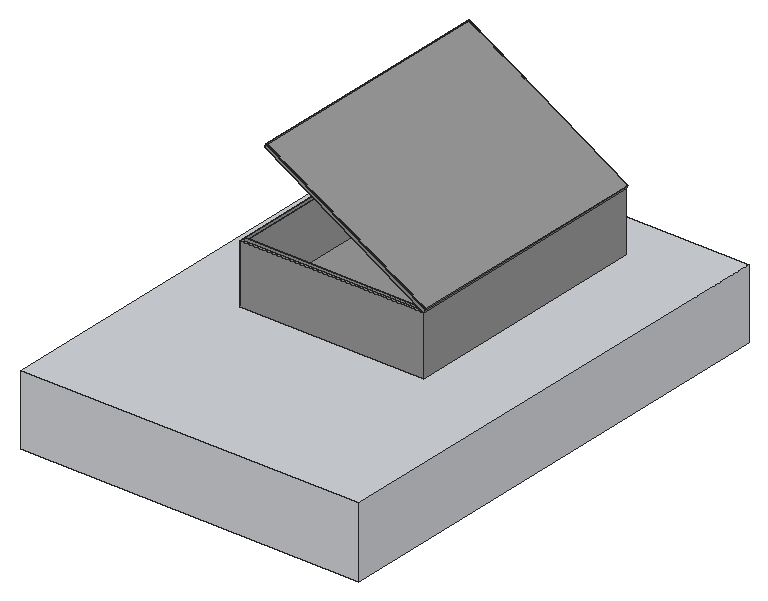
Revit family "Hager-Univers-IP55-D275-H1100-Cl.I-Steel_encl-CH-it", category Equipement électrique, Revit 2020
Family settings
  Hôte = Face
  Configuration du panneau = Deux colonnes, circuits au sein
  Cote de connecteur circulaire = Utiliser le diamètre
  Type d'élément = Tableau de raccordement
  Couper avec des vides une fois chargée = Non
  Partagée = Non
  Point de calcul de pièce = Non
Parameters (values of type "A parete IP55 L800 A1100 P275  - FR73E")
  Width Control [instance] = if([EF000008 - Larghezza] > Min Width, [EF000008 - Larghezza], Min Width)  # 800 mm
  Commentaires du type = [HG000003 - Gamma]  # "Univers"
  Thickness Door [instance] = if([EF009171 - spessore materiale porta/coperchio] > 3 mm, 3 mm, [EF009171 - spessore materiale porta/coperchio])  # 1.5 mm
  Seal Frame Offset [instance] = 17 mm  # constant formula
  Plinth Visibility [instance] = [HG000027 - Altezza dello zoccolo] > 0 mm  # no
  Model = ""
  Min Width [instance] = 100 mm  # constant formula
  Min Height [instance] = 100 mm  # constant formula
  Min Depth [instance] = (2 * [EF009170 - spessore materiale scatola]) + 1 mm  # 4 mm
  Internal Frame Depth [instance] = (Door System Depth * 0.5)  # 9 mm
  Height Control [instance] = if([EF000040 - Altezza] > Min Height, [EF000040 - Altezza], Min Height)  # 1100 mm
  HG000027 - Altezza dello zoccolo = 0 mm
  HG000026 - A pavimento = no
  HG000024 - Altezza della sezione inferiore = 800 mm
  HG000023 - Custodia a doppia sezione = no
  HG000016 - Visibilità delle porte nella vista 3D [instance] = yes
  HG000015 - Visibilità attraverso la porta [instance] = no
  HG000014 - Porta destra [instance] = yes
  HG000013 - Porta sinistra [instance] = not([HG000014 - Porta destra])  # no
  HG000012 - Angolo di apertura della porta [instance] = 30.00°
  HG000010 - Porte asimmetriche = no
  HG000009 - Porta doppia a battente = no
  HG000006 - Ad incasso = no
  HG000004 - Codice produttore = "FR73E"
  HG000003 - Gamma = "Univers"
  HG000002 - Con porta = yes
  Frame Offset Bottom [instance] = 10 mm  # constant formula
  Frame Offset [instance] = 15 mm  # constant formula
  EF015940 - Coprire con rilascio di sovrapressione = no
  EF011959 - tipo di protezione (NEMA) = ""
  EF009554 - numero delle aperture per la piastra della flangia = 6
  Fabricant = "Hager"  # constant formula
  EF009212 - esecuzione coperchio = "EV000116 - chiuso"
  EF009171 - spessore materiale porta/coperchio = 1.5 mm
  EF009170 - spessore materiale scatola = 1.5 mm
  EF008873 - corrente nominale (In) = 800 A
  EF007800 - adatto per parafulmine = no
  EF006306 - con serratura = no
  EF006244 - coperchio/porta trasparente = no
  EF005474 - grado di protezione (IP) = "EV006420 - IP55"
  EF004464 - tipo di porta = "EV002646 - singolo"
  EF004427 - numero di moduli = 252
  EF004293 - resistenza agli urti = "EV008784 - IK10"
  EF003532 - adatto per uso esterno = no
  EF002950 - Numero moduli DIN = 24
  EF001613 - Integrità del circuito = "EV000494 - senza"
  EF001596 - Attacco Lampada = "EV000179 - acciaio"
  EF001131 - profondità interna = 275 mm
  EF001088 - possibilità di applicazione = yes
  EF000437 - numero di ingressi per conduttori = 6
  EF000339 - tipo di copertura = "EV004216 - porta"
  EF000266 - numero di file = 7
  EF000218 - profondità di incasso = 0 mm
  EF000118 - con piastra di montaggio = no
  EF000116 - numero RAL = "7035"
  EF000049 - profondità = 275 mm
  EF000040 - Altezza = 1100 mm
  EF000008 - Larghezza = 800 mm
  EF000007 - colore = "EV000270 - grigio"
  EF000003 - Tipo di montaggio = "EV000384 - A parete"
  Door System Leaf Tolerance [instance] = 1.5 mm  # constant formula
  Door System Depth [instance] = 18 mm  # constant formula
  Door Height [instance] = Height Control - [HG000027 - Altezza dello zoccolo]  # 1100 mm
  Depth Control [instance] = if([EF000049 - profondità] > Min Depth, [EF000049 - profondità], Min Depth)  # 275 mm
  Default Elevation = 0 mm
  Connector Offset [instance] = Height Control / 2  # 550 mm
  Bottom Top Plate Trim [instance] = 1.5 mm  # constant formula
  Plinth height Ctrl [instance] = if([HG000027 - Altezza dello zoccolo] > 0 mm, [HG000027 - Altezza dello zoccolo], 12 mm)  # 12 mm
Types (5, lengths in mm): name | Width Control | HG000010 - Porte asimmetriche | HG000009 - Porta doppia a battente | HG000004 - Codice produttore | EF009554 - numero delle aperture per la piastra della flangia | EF004464 - tipo di porta | EF004427 - numero di moduli | EF000437 - numero di ingressi per conduttori | EF000008 - Larghezza
  A parete IP55 L1050 A1100 P275  - FR74E | 1050 | no | yes | "FR74E" | 8 | "EV003602 - doppio" | 336 | 8 | 1050
  A parete IP55 L1300 A1100 P275  - FR75E | 1300 | yes | yes | "FR75E" | 10 | "EV003602 - doppio" | 420 | 10 | 1300
  A parete IP55 L300 A1100 P275  - FR71E | 300 | no | no | "FR71E" | 2 | "EV002646 - singolo" | 84 | 2 | 300
  A parete IP55 L550 A1100 P275  - FR72E | 550 | no | no | "FR72E" | 4 | "EV002646 - singolo" | 168 | 4 | 550
  A parete IP55 L800 A1100 P275  - FR73E | 800 | no | no | "FR73E" | 6 | "EV002646 - singolo" | 252 | 6 | 800
Reference planes
  plane 1 "Center (Front/Back)": y = 0
  plane 2: z = 0
  plane 3 "Center (Left/Right)": x = 0
  plane 4: z = 275
  plane 5: y = 1.5
  plane 6: y = 550
  plane 7: y = 0
  plane 8: y = 1100
  plane 9: z = 0
  plane 10: x = -385
  plane 11: x = 385
  plane 12: x = 383.5
  plane 13: x = -383.5
  plane 14: y = 1098.5
  plane 15: x = -383
  plane 16: x = -400
  plane 17: x = 383
  plane 18: x = 400
  plane 19: x = 398.5
  plane 20: x = -398.5
  plane 21: y = 11.5
  plane 22: y = 1100
  plane 23: y = 1083.5
  plane 24: z = 257
  plane 25: z = 1.5
  plane 26: z = 255.5
  plane 27: z = 273.5
Forms (mm)
  Extrusion 1, solid
    sketch origin (0, 0, 0) x (1, 0, 0) y (0, 1, 0)
      loop
        line (-702.964, 1305) -> (-702.964, -811.445) -> (766.763, -811.445) -> (766.763, 1305) -> (-702.964, 1305)
    from 0 to -304.8
  Extrusion 2, solid, material "Hager_Steel_RAL7035_Light_Grey", visible <- "Plinth Visibility", detail levels medium+fine
    sketch origin (0, 0, 0) x (1, 0, 0) y (0, 1, 0)
      loop
        line (-400, 0) -> (400, 0) -> (400, 12) -> (-400, 12) -> (-400, 0)
    from 0 to 257
  Extrusion 3, solid, material "Hager_Steel_RAL7035_Light_Grey", detail levels medium+fine
    sketch origin (0, 0, 0) x (1, 0, 0) y (0, 1, 0)
      loop
        line (-400, 0) -> (400, 0) -> (400, 1100) -> (-400, 1100) -> (-400, 0)
    from 0 to 257
  Extrusion 4, void
    sketch origin (0, 0, 0) x (1, 0, 0) y (0, 1, 0)
      loop
        line (-398.5, 1.5) -> (398.5, 1.5) -> (398.5, 1098.5) -> (-398.5, 1098.5) -> (-398.5, 1.5)
    from 1.5 to 255.5
  Extrusion 5, void
    sketch origin (-381.607, -4572, 257) x (0, -1, 0) y (-1, 0, 0)
      loop
        line (-4583.5, 1.893) -> (-5655.5, 1.893) -> (-5655.5, -765.107) -> (-4583.5, -765.107) -> (-4583.5, 1.893)
    from 0 to 1.5 <- "EF009170 - spessore materiale scatola"
  Extrusion 6, solid, material "Hager_Steel_RAL7035_Light_Grey", detail levels fine
    sketch origin (0, 0, 257) x (1, 0, 0) y (0, 1, 0)
      loop
        line (-383.5, 1083.5) -> (-383.5, 11.5) -> (383.5, 11.5) -> (383.5, 1083.5) -> (-383.5, 1083.5)
      loop
        line (-385, 10) -> (385, 10) -> (385, 1085) -> (-385, 1085) -> (-385, 10)
    from 0 to 9 <- "Internal Frame Depth"
  Extrusion 7, solid, material "Hager_Steel_RAL7035_Light_Grey", detail levels coarse
    sketch origin (0, 0, 0) x (1, 0, 0) y (0, 1, 0)
      loop
        line (-400, 0) -> (400, 0) -> (400, 1100) -> (-400, 1100) -> (-400, 0)
    from 0 to 275
  Sweep 8, void
    path in 3D
      loop
        line (-400, 12, 0) -> (400, 12, 0) -> (400, 12, 257) -> (-400, 12, 257) -> (-400, 12, 0)
    profile origin (-400, 12, 128.5) x (-1, 0, 0) y (0, -1, 0)
      loop
        line (0, 0) -> (0, 1.5) -> (-1.5, 1.5)
        arc (-1.5, 1.5) -> (-1.061, 0.439) -> (0, 0) r 1.5
Cuts and joins
  Extrusion 4, Extrusion 5 cuts Extrusion 3
  Sweep 8 cuts Extrusion 2
Lines and regions (mm)
  Masking region 1
    outline origin (0, 0, 0) x (1, 0, 0) y (0, 0, 1)
      loop
        line (-400, 275) -> (-400, 0) -> (400, 0) -> (400, 275) -> (-400, 275)
  Masking region 2, detail levels medium+fine
    outline origin (0, 140, 0) x (0, 1, 0) y (0, 0, 1)
      loop
        line (-140, 0) -> (960, 0) -> (960, 257) -> (-140, 257) -> (-140, 0)
  Masking region 3, not visible, detail levels medium+fine
    outline origin (0, 297.922, 0) x (0, 1, 0) y (0, 0, 1)
      loop
        line (263.578, 0) -> (303.578, 0) -> (303.578, 263.5)
        arc (303.578, 263.5) -> (300.649, 270.571) -> (293.578, 273.5) r 10
        line (293.578, 273.5) -> (263.578, 273.5) -> (263.578, 0)
  Masking region 4, detail levels coarse
    outline origin (0, 0, 180) x (0, 1, 0) y (0, 0, 1)
      loop
        line (0, -180) -> (1100, -180) -> (1100, 95) -> (0, 95) -> (0, -180)
  Masking region 5, visible <- "Plinth Visibility", detail levels medium+fine
    outline origin (0, 52.24, 12.345) x (0, 0, -1) y (0, 1, 0)
      loop
        line (10.845, -40.24) -> (-243.155, -40.24)
        arc (-243.155, -40.24) -> (-243.594, -41.301) -> (-244.655, -41.74) r 1.5
        line (-244.655, -41.74) -> (-244.655, -52.24) -> (12.345, -52.24) -> (12.345, -41.74)
        arc (12.345, -41.74) -> (11.285, -41.301) -> (10.845, -40.24) r 1.5
  Masking region 6, detail levels medium+fine
    outline origin (-381.607, -4572, 257) x (-1, 0, 0) y (0, -1, 0)
      loop
        line (18.393, -5672) -> (18.393, -4572) -> (-781.607, -4572) -> (-781.607, -5672) -> (18.393, -5672)
  Masking region 7, visible <- "Plinth Visibility", detail levels medium+fine
    outline origin (-381.607, -4727, 257) x (-1, 0, 0) y (0, -1, 0)
      loop
        arc (16.893, -4739) -> (17.332, -4737.939) -> (18.393, -4737.5) r 1.5
        line (18.393, -4737.5) -> (18.393, -4727) -> (-781.607, -4727) -> (-781.607, -4737.5)
        arc (-781.607, -4737.5) -> (-780.546, -4737.939) -> (-780.107, -4739) r 1.5
        line (-780.107, -4739) -> (16.893, -4739)
  Masking region 8, detail levels coarse
    outline origin (-442.548, -4669.526, 257) x (-1, 0, 0) y (0, -1, 0)
      loop
        line (-42.548, -5769.526) -> (-42.548, -4669.526) -> (-842.548, -4669.526) -> (-842.548, -5769.526) -> (-42.548, -5769.526)
  sketch lines
    curve 1: line (-400, 12, 257) -> (-400, 12, 0)
    curve 2: line (400, 12, 257) -> (-400, 12, 257)
    curve 3: line (400, 12, 257) -> (400, 12, 0)
    curve 4: line (-400, 12, 0) -> (400, 12, 0)
Dimensions and locks
  "Depth Control": plane 4 to Extrusion 1
  "HG000027 - Altezza dello zoccolo": plane 1 "Center (Front/Back)" to plane 7
  "EF009170 - spessore materiale scatola": plane 5 to plane 7
  locked: connector elem to plane 3 "Center (Left/Right)"
  equal spacing: plane 8, plane 6, plane 7
  locked: connector elem to plane 6
  "EF009170 - spessore materiale scatola": plane 8 to plane 14
  "EF009170 - spessore materiale scatola": plane 10 to plane 13
  "EF009170 - spessore materiale scatola": plane 12 to plane 11
  "Frame Offset": plane 20 to plane 13
  "Frame Offset": plane 12 to plane 19
  "EF009170 - spessore materiale scatola": plane 16 to plane 20
  "EF009170 - spessore materiale scatola": plane 19 to plane 18
  "Seal Frame Offset": plane 16 to plane 15
  "Seal Frame Offset": plane 17 to plane 18
  "Frame Offset Bottom": plane 21 to plane 5
  "Frame Offset": plane 14 to plane 23
  equal spacing: plane 16, plane 3 "Center (Left/Right)", plane 18
  "Width Control": plane 16 to plane 18
  "EF009170 - spessore materiale scatola": plane 4 to plane 27
  "EF009170 - spessore materiale scatola": plane 24 to plane 26
  "EF009170 - spessore materiale scatola": plane 25 to level
  "Door System Depth": plane 4 to plane 24
  "Height Control": plane 1 "Center (Front/Back)" to Extrusion 7 sketch curve
  "Height Control": Masking region 4 sketch curve to plane 1 "Center (Front/Back)"
  "Height Control": plane 1 "Center (Front/Back)" to plane 22
  "Bottom Top Plate Trim": profile plane to Sweep 8 sketch curve
  "Bottom Top Plate Trim": Sweep 8 sketch curve to profile plane
  "Plinth height Ctrl": plane 1 "Center (Front/Back)" to Extrusion 2 sketch curve
  "Plinth height Ctrl": Masking region 5 sketch curve to plane 1 "Center (Front/Back)"
  "Plinth height Ctrl": plane 1 "Center (Front/Back)" to Masking region 7 sketch curve
  "Thickness Door": Extrusion 6 sketch curve to Extrusion 6 sketch curve  (x3)
  "Thickness Door": cut or joined group of Extrusion 3, Extrusion 4, Extrusion 5 to Extrusion 6 sketch curve
  radius of Masking region 3 sketch curve = 10 mm
  "Bottom Top Plate Trim": radius of Masking region 5 sketch curve  (x2)
  "Bottom Top Plate Trim": radius of Sweep 8 sketch curve
  "Bottom Top Plate Trim": radius of Masking region 7 sketch curve  (x2)
  aligned and locked: plane 2 to Extrusion 1
  aligned and locked: level to Extrusion 1
  aligned and locked: level to Masking region 1 sketch curve
  aligned and locked: Masking region 1 sketch curve to plane 18
  aligned and locked: Masking region 1 sketch curve to plane 16
  aligned and locked: plane 7 to Masking region 2 sketch curve
  aligned and locked: level to Masking region 3 sketch curve
  aligned and locked: Masking region 3 sketch curve to plane 27
  aligned and locked: level to Masking region 2 sketch curve
  aligned and locked: plane 1 "Center (Front/Back)" to Extrusion 2 sketch curve
  aligned and locked: Extrusion 3 sketch curve to plane 7
  aligned and locked: plane 16 to Extrusion 3 sketch curve
  aligned and locked: plane 18 to Extrusion 3 sketch curve
  aligned and locked: plane 20 to Extrusion 4 sketch curve
  aligned and locked: plane 19 to Extrusion 4 sketch curve
  aligned and locked: Extrusion 4 sketch curve to plane 5
  aligned and locked: Extrusion 4 to plane 25
  aligned and locked: plane 26 to Extrusion 4
  aligned and locked: plane 24 to Extrusion 3
  aligned and locked: Extrusion 5 sketch curve to plane 21
  aligned and locked: Extrusion 5 sketch curve to plane 13
  aligned and locked: Extrusion 5 sketch curve to plane 12
  aligned and locked: plane 18 to Extrusion 7 sketch curve
  aligned and locked: plane 1 "Center (Front/Back)" to Extrusion 7 sketch curve
  aligned and locked: plane 16 to Extrusion 7 sketch curve
  aligned and locked: plane 4 to Extrusion 7
  aligned and locked: Extrusion 7 to level
  aligned and locked: level to Masking region 4 sketch curve
  aligned and locked: Masking region 4 sketch curve to plane 1 "Center (Front/Back)"
  aligned and locked: Masking region 4 sketch curve to plane 4
  aligned and locked: nested 1 to level
  aligned and locked: nested 1 to plane 16
  aligned and locked: plane 8 to Extrusion 3 sketch curve
  aligned and locked: plane 23 to Extrusion 5 sketch curve
  aligned and locked: plane 14 to Extrusion 4 sketch curve
  aligned and locked: Masking region 2 sketch curve to plane 8
  aligned and locked: level to Masking region 5 sketch curve
  aligned and locked: plane 16 to Extrusion 2 sketch curve
  aligned and locked: plane 18 to Extrusion 2 sketch curve
  aligned and locked: Masking region 5 sketch curve to plane 24
  aligned and locked: Masking region 2 sketch curve to plane 24
  aligned and locked: plane 24 to Extrusion 2
  aligned and locked: profile plane to Sweep 8 sketch curve  (x2)
  aligned and locked: Masking region 6 sketch curve to plane 18
  aligned and locked: Masking region 6 sketch curve to plane 22
  aligned and locked: Masking region 6 sketch curve to plane 16
  aligned and locked: plane 8 to plane 22
  aligned and locked: Masking region 6 sketch curve to plane 7
  aligned and locked: Masking region 7 sketch curve to plane 16
  aligned and locked: Masking region 7 sketch curve to plane 1 "Center (Front/Back)"
  aligned and locked: Masking region 7 sketch curve to plane 18
  aligned and locked: Masking region 8 sketch curve to plane 1 "Center (Front/Back)"
  aligned and locked: Masking region 8 sketch curve to plane 18
  aligned and locked: Masking region 8 sketch curve to plane 22
  aligned and locked: Masking region 8 sketch curve to plane 16
  aligned and locked: nested 2 to plane 7
  aligned and locked: plane 3 "Center (Left/Right)" to nested 2
  aligned and locked: nested 2 to plane 24
  aligned and locked: Extrusion 6 sketch curve to cut or joined group of Extrusion 3, Extrusion 4, Extrusion 5  (x4)
Automatic sketch dimensions
  Extrusion 1 sketch curve to Extrusion 1 sketch curve = 1469.727 mm
  Extrusion 1 sketch curve to Extrusion 1 sketch curve = 2116.445 mm
  Masking region 1 sketch curve to plane 4 = 0 mm
  plane 6 to Masking region 3 sketch curve = 11.5 mm
  Masking region 3 sketch curve to Masking region 3 sketch curve = 30 mm
  Masking region 5 sketch curve to plane 1 "Center (Front/Back)" = 0 mm
Nested families
  nested 1: "Hager_Enclosure_Symbol" at (-400, 0, 0) x (1, 0, 0) z (0, -1, 0), Height <- "Depth Control", Width <- "Width Control", type "Hager_Enclosure_Symbol"
    with Width_Ctrl 800 mm, Width 800 mm, Height_Ctrl 275 mm, Height 275 mm, A_Width_Int 18.047 mm, A_Width 216.562 mm, A_Height_Ctrl 240.625 mm, A_Height 240.625 mm
  nested 2: "EC000058_Univers_Door" at (0, 0, 257) x (1, 0, 0) z (0, 1, 0), Leaf_Tolerance <- "Door System Leaf Tolerance", Angle <- "HG000012 - Angolo di apertura della porta", Door_Depth <- "Door System Depth", Door_Left <- "HG000013 - Porta sinistra", Transparent <- "EF006244 - coperchio/porta trasparente", Assymetrical <- "HG000010 - Porte asimmetriche", Width <- "Width Control", Clearance <- "HG000015 - Visibilità attraverso la porta", Double <- "HG000009 - Porta doppia a battente", 3d_Door <- "HG000016 - Visibilità delle porte nella vista 3D", Lock_Visibility <- "EF006306 - con serratura", Width_Ctrl <- "Width Control", Door_Right <- "HG000014 - Porta destra", Door <- "HG000002 - Con porta", Height <- "Door Height", Thickness <- "Thickness Door", type "EC000058_Univers_Door", detail levels medium+fine
    with min_wh 4 mm, Width_Ctrl 800 mm, Width 800 mm, Transparent no, Thickness 1.5 mm, Seal_Material Hager_Rubber, Lock_Visibility no, Lock_Material Hager_Plastic_RAL9005_Jet_Black, Leaf_Width 800 mm, Leaf_Tolerance_External_Sides 0 mm, Leaf_Tolerance 1.5 mm, Leaf_Offset 0 mm, Leaf_Height 1097 mm, Leaf_2_Width 800 mm, Leaf_2_Offset 400 mm, Leaf_1_Width 800 mm, Leaf_1_Offset 400 mm, Height_Ctrl 1100 mm, Height 1100 mm, Glass_Material Hager_Glass, Double_Clearance_Ctrl no, Double no, Door_Right_Ctrl yes, Door_Right yes, Door_Material Hager_Steel_RAL7035_Light_Grey, Door_Left_Ctrl no, Door_Left no, Door_Depth 18 mm, Door yes, Clearance_Material Hager_Clearance, Clearance_Depth 800 mm, Clearance_Ctrl no, Clearance no, Assymetrical no, Angle 30.00°, 3d_Door yes
Connectors
  electrical at (0, 550, 0)
    settings: on plane 9, index 1, voltage 0 V, apparent load 0 VA, apparent load phase1 0 VA, apparent load phase2 0 VA, apparent load phase3 0 VA, power factor 1, load classification "Other", number of poles 1, system type 30, power factor state 1, is connector primary yes, connector utility no, sub classification motor no, connector description ""
Definition of nested family "EC000058_Univers_Door"
  Parameters (values of type "EC000058_Univers_Door")
    min_wh [instance] = (2 * Thickness) + 1 mm  # 11 mm
    Width_Ctrl [instance] = 400 mm
    Width [instance] = 500 mm
    Transparent [instance] = yes
    Thickness [instance] = 5 mm
    Seal_Material [instance] = none
    Lock_Visibility [instance] = yes
    Lock_Material [instance] = none
    Leaf_Width [instance] = if((Width_Ctrl - 2 * Leaf_Tolerance_External_Sides) > 0 mm, (Width_Ctrl - 2 * Leaf_Tolerance_External_Sides), min_wh)  # 400 mm
    Leaf_Tolerance_External_Sides [instance] = 0 mm  # constant formula
    Leaf_Tolerance [instance] = 1.5 mm
    Leaf_Offset [instance] = 0 mm  # constant formula
    Leaf_Height [instance] = if((Height_Ctrl - 2 * Leaf_Tolerance) > 0 mm, (Height_Ctrl - 2 * Leaf_Tolerance), min_wh)  # 497 mm
    Leaf_2_Width [instance] = if(and(and(Double, Assymetrical), Door_Left), (Leaf_Width / 3) - (Leaf_Tolerance / 2), if(and(and(Double, Assymetrical), Door_Right), (Leaf_Width / 3) * 2 - (Leaf_Tolerance / 2), if(and(Double, not(Assymetrical)), (Leaf_Width / 2) - Leaf_Tolerance, Leaf_Width)))  # 400 mm
    Leaf_2_Offset [instance] = if(and(Double, Assymetrical), Leaf_2_Width / 2, if(and(Double, not(Assymetrical)), Leaf_Width / 4, Leaf_Width / 2))  # 200 mm
    Leaf_1_Width [instance] = if(and(and(Double, Assymetrical), Door_Right), (Leaf_Width / 3) - (Leaf_Tolerance / 2), if(and(and(Double, Assymetrical), Door_Left), (Width / 3) * 2 - (Leaf_Tolerance / 2), if(and(Double, not(Assymetrical)), (Leaf_Width / 2) - Leaf_Tolerance, Leaf_Width)))  # 400 mm
    Leaf_1_Offset [instance] = if(and(Double, Assymetrical), Leaf_1_Width / 2, if(and(Double, not(Assymetrical)), Leaf_Width / 4, Leaf_Width / 2))  # 200 mm
    Height_Ctrl [instance] = if(Height > min_wh, Height, min_wh)  # 500 mm
    Height [instance] = 500 mm
    Glass_Material [instance] = none
    Double_Clearance_Ctrl [instance] = and(Double, Clearance)  # no
    Double [instance] = no
    Door_Right_Ctrl [instance] = and(or(Door_Right, Double), Door)  # yes
    Door_Right [instance] = yes
    Door_Material [instance] = none
    Door_Left_Ctrl [instance] = and(or(Door_Left, Double), Door)  # no
    Door_Left [instance] = no
    Door_Depth [instance] = 30 mm
    Door [instance] = yes
    Default Elevation = 1219.2 mm
    Clearance_Material [instance] = none
    Clearance_Depth [instance] = if(Leaf_1_Width > Leaf_2_Width, Leaf_1_Width, Leaf_2_Width)  # 400 mm
    Clearance_Ctrl [instance] = and(not(Double), Clearance)  # yes
    Clearance [instance] = yes
    Assymetrical [instance] = yes
    Angle [instance] = 30.00°
    3d_Door [instance] = yes
  Reference planes
    plane 1 "Center (Front/Back)": y = 0
    plane 2 "Bottom": z = 0
    plane 3 "Center (Left/Right)": x = 0
    plane 4: z = 500
    plane 5: x = -200
    plane 6: x = 200
    plane 7: z = 500
    plane 8: x = -200
    plane 9: z = 0
    plane 10: x = 200
    plane 11: y = 0
    plane 12: z = 1.5
    plane 13: x = -600
    plane 14: y = -400
    plane 15: x = 600
    plane 16: x = 0
    plane 17: x = 0
    plane 18: x = -200
    plane 19: x = 200
    plane 20: z = 498.5
  Forms (mm)
    Extrusion 1, solid, material <- "Clearance_Material", visible <- "Double_Clearance_Ctrl"
      sketch origin (1200, 0, 0) x (1, 0, 0) y (0, 0, -1)
        loop
          line (-1800, -498.5) -> (-600, -498.5) -> (-600, 0) -> (-1800, 0) -> (-1800, -498.5)
      from 0 to -400
  Dimensions and locks
    equal spacing: plane 5, plane 3 "Center (Left/Right)", plane 6
    "Width_Ctrl": plane 5 to plane 6
    "Leaf_Offset": plane 5 to plane 8
    "Leaf_Offset": plane 6 to plane 10
    "Leaf_Offset": plane 9 to level
    "Leaf_Offset": plane 4 to plane 7
    "Height_Ctrl": plane 4 to level
    "Leaf_Tolerance": plane 12 to plane 9
    locked: plane 11 to plane 1 "Center (Front/Back)"
    "Leaf_1_Offset": plane 18 to plane 16
    "Leaf_2_Offset": plane 17 to plane 19
    "Leaf_1_Width": plane 13 to plane 8
    "Leaf_2_Width": plane 10 to plane 15
    "Clearance_Depth": plane 14 to plane 1 "Center (Front/Back)"
    "Leaf_Tolerance_External_Sides": plane 8 to plane 18
    "Leaf_Tolerance_External_Sides": plane 19 to plane 10
    "Leaf_Tolerance": plane 7 to plane 20
    aligned and locked: level to plane 2 "Bottom"
    aligned and locked: nested 1 to plane 16
    aligned and locked: nested 2 to plane 17
    aligned and locked: Extrusion 1 to plane 13
    aligned and locked: plane 15 to Extrusion 1
    aligned and locked: Extrusion 1 to plane 14
    aligned and locked: plane 12 to nested 1
    aligned and locked: nested 2 to plane 12
    aligned and locked: Extrusion 1 to plane 11
    aligned and locked: plane 20 to Extrusion 1
    aligned and locked: nested 2 to plane 11
    aligned and locked: nested 1 to plane 11
  Automatic sketch dimensions
    Extrusion 1 sketch curve to level = 0 mm
    plane 5 to Extrusion 1 sketch curve = 400 mm
    plane 6 to Extrusion 1 sketch curve = 400 mm
    Extrusion 1 sketch curve to plane 4 = 1.5 mm
  Nested families
    nested 1: "EC000058_Univers_Door_Leaf" at (0, 0, 1.5), Width <- "Leaf_1_Width", visible <- "Door_Left_Ctrl", Leaf_Height <- "Leaf_Height", Angle <- "Angle", 3d_Door <- "3d_Door", Transparent <- "Transparent", Clearance Material <- "Clearance_Material", Clearance <- "Clearance_Ctrl", Door_Material <- "Door_Material", Glass_Material <- "Glass_Material", Door_Depth <- "Door_Depth", Lock_Material <- "Lock_Material", Seal_Material <- "Seal_Material", Lock_Visibility <- "Lock_Visibility", Thickness <- "Thickness", type "EC000058_Univers_Door_Leaf"
      with Width 400 mm, Transparent_Glass_Offset 30 mm, Transparent_Ctrl yes, Transparent yes, Thickness 5 mm, Standard no, Seal_Material none, Seal_D2 8 mm, Seal_D1 1 mm, Offset_Internal_Frame 10 mm, Lock_Width 20 mm, Lock_Visibility_3d yes, Lock_Visibility yes, Lock_Thickness_3 3 mm, Lock_Thickness_2 1 mm, Lock_Thickness_1 3 mm, Lock_Radius_Offset_2 16 mm, Lock_Radius_Offset_1 15 mm, Lock_Radius_2 5 mm, Lock_Radius 6 mm, Lock_Offset 5 mm, Lock_Material none, Lock_Height 80 mm, Lock_Cover_Top_Offset_2d 17 mm, Lock_Cover_Height -65 mm, Leaf_Height 497 mm, Internal_Seal_Thickness 8 mm, Internal_Seal_Depth_2 4.5 mm, Internal_Frame_Depth 25 mm, Glass_Thickness -1 mm, Glass_Offset -2 mm, Glass_Material none, Door_Material none, Door_Depth 30 mm, Clearance Material none, Clearance yes, Angle_Ctrl 30.00°, Angle 30.00°, 3d_Door yes
    nested 2: "EC000058_Univers_Door_Leaf" at (0, 0, 1.5) x (-1, 0, 0) z (0, 0, 1), Width <- "Leaf_2_Width", visible <- "Door_Right_Ctrl", Leaf_Height <- "Leaf_Height", Angle <- "Angle", 3d_Door <- "3d_Door", Transparent <- "Transparent", Clearance Material <- "Clearance_Material", Clearance <- "Clearance_Ctrl", Door_Material <- "Door_Material", Glass_Material <- "Glass_Material", Door_Depth <- "Door_Depth", Lock_Material <- "Lock_Material", Seal_Material <- "Seal_Material", Lock_Visibility <- "Lock_Visibility", Thickness <- "Thickness", type "EC000058_Univers_Door_Leaf"
      with Width 400 mm, Transparent_Glass_Offset 30 mm, Transparent_Ctrl yes, Transparent yes, Thickness 5 mm, Standard no, Seal_Material none, Seal_D2 8 mm, Seal_D1 1 mm, Offset_Internal_Frame 10 mm, Lock_Width 20 mm, Lock_Visibility_3d yes, Lock_Visibility yes, Lock_Thickness_3 3 mm, Lock_Thickness_2 1 mm, Lock_Thickness_1 3 mm, Lock_Radius_Offset_2 16 mm, Lock_Radius_Offset_1 15 mm, Lock_Radius_2 5 mm, Lock_Radius 6 mm, Lock_Offset 5 mm, Lock_Material none, Lock_Height 80 mm, Lock_Cover_Top_Offset_2d 17 mm, Lock_Cover_Height -65 mm, Leaf_Height 497 mm, Internal_Seal_Thickness 8 mm, Internal_Seal_Depth_2 4.5 mm, Internal_Frame_Depth 25 mm, Glass_Thickness -1 mm, Glass_Offset -2 mm, Glass_Material none, Door_Material none, Door_Depth 30 mm, Clearance Material none, Clearance yes, Angle_Ctrl 30.00°, Angle 30.00°, 3d_Door yes
  Definition of nested family "EC000058_Univers_Door_Leaf"
    Parameters (values of type "EC000058_Univers_Door_Leaf")
      Width [instance] = 2000 mm
      Transparent_Glass_Offset [instance] = 30 mm
      Transparent_Ctrl [instance] = and(Transparent, [3d_Door])  # yes
      Transparent [instance] = yes
      Thickness [instance] = 5 mm
      Standard [instance] = and(not(Transparent), [3d_Door])  # no
      Seal_Material [instance] = none
      Seal_D2 [instance] = 8 mm  # constant formula
      Seal_D1 [instance] = 1 mm  # constant formula
      Offset_Internal_Frame [instance] = 10 mm  # constant formula
      Lock_Width [instance] = 20 mm  # constant formula
      Lock_Visibility_3d [instance] = and(Lock_Visibility, [3d_Door])  # yes
      Lock_Visibility [instance] = yes
      Lock_Thickness_3 [instance] = 3 mm  # constant formula
      Lock_Thickness_2 [instance] = 1 mm  # constant formula
      Lock_Thickness_1 [instance] = 3 mm  # constant formula
      Lock_Radius_Offset_2 [instance] = Lock_Radius_Offset_1 + 1 mm  # 16 mm
      Lock_Radius_Offset_1 [instance] = 15 mm  # constant formula
      Lock_Radius_2 [instance] = Lock_Radius - 1 mm  # 5 mm
      Lock_Radius [instance] = 6 mm  # constant formula
      Lock_Offset [instance] = 5 mm  # constant formula
      Lock_Material [instance] = none
      Lock_Height [instance] = 80 mm  # constant formula
      Lock_Cover_Top_Offset_2d [instance] = Lock_Radius_Offset_2 + 1 mm  # 17 mm
      Lock_Cover_Height [instance] = -(Lock_Height - Lock_Radius_Offset_1)  # -65 mm
      Leaf_Height [instance] = 2720.336 mm
      Internal_Seal_Thickness [instance] = 8 mm  # constant formula
      Internal_Seal_Depth_2 [instance] = 4.5 mm  # constant formula
      Internal_Frame_Depth [instance] = if(Door_Depth - Thickness > 5 mm, Door_Depth - Thickness, 5 mm)  # 25 mm
      Glass_Thickness [instance] = if(Thickness > 15 mm, Glass_Offset + 10 mm, -1 mm)  # -1 mm
      Glass_Offset [instance] = if(Thickness > 15 mm, -(Thickness + 10 mm) / 2, -2 mm)  # -2 mm
      Glass_Material [instance] = none
      Door_Material [instance] = none
      Door_Depth [instance] = 30 mm
      Default Elevation = 0 mm
      Clearance Material [instance] = none
      Clearance [instance] = yes
      Angle_Ctrl [instance] = if(Angle > 180.00°, 180.00°, Angle)  # 90.00°
      Angle [instance] = 90.00°
      3d_Door [instance] = yes
    Reference planes
      plane 1 "Center (Front/Back)": y = 0
      plane 2: z = 0
      plane 3 "Center (Left/Right)": x = 0
      plane 4: y = 2000
      plane 5: x = -1000
      plane 6: x = 1000
      plane 7: x = -3000
      plane 8: z = 2720.336
      plane 9: z = 30
      plane 10: z = 2690.336
      plane 11: x = 970
      plane 12: x = -970
      plane 13: y = -3
      plane 14: z = 107.833
      plane 15: y = -5
      plane 16: y = -223.314
      plane 17: x = -1000
      plane 18: z = 1360.168
      plane 19: y = 30
    Forms (mm)
      Extrusion 1, solid, material <- "Clearance Material", visible <- "Clearance"
        sketch origin (0, 0, 0) x (1, 0, 0) y (0, 0, 1)
          loop
            line (-3000, 2720.336) -> (-3000, 0) -> (1000, 0) -> (1000, 2720.336) -> (-3000, 2720.336)
        from 0 to -2000
      Extrusion 2, solid, material <- "Door_Material", visible <- "Standard", detail levels medium+fine
        sketch origin (-1000, 0, 0) x (0, 1, 0) y (-1, 0, 0)
          loop
            line (0, 30) -> (0, 25) -> (2000, 25) -> (2000, 30) -> (0, 30)
        from 0 to 2720.336 <- "Leaf_Height"
      Extrusion 3, solid, material <- "Door_Material", visible <- "Transparent_Ctrl", detail levels medium+fine
        sketch origin (-1000, 0, 0) x (0, 1, 0) y (-1, 0, 0)
          loop
            line (0, 25) -> (2000, 25) -> (2000, 30) -> (0, 30) -> (0, 25)
        from 0 to 2720.336 <- "Leaf_Height"
      Extrusion 4, void
        sketch origin (-1025, 2000, 0) x (0, 1, 0) y (0, 0, -1)
          loop
            line (-30, -2690.336) -> (-30, -30) -> (-1970, -30) -> (-1970, -2690.336) -> (-30, -2690.336)
        from 0 to 5 <- "Thickness"
      Sweep 5, solid, material <- "Seal_Material", visible <- "Transparent_Ctrl", detail levels fine
        path in 3D
          loop
            line (-1025, 30, 30) -> (-1025, 30, 2690.336) -> (-1025, 1970, 2690.336) -> (-1025, 1970, 30) -> (-1025, 30, 30)
        profile origin (-1025, 1000, 30) x (1, 0, 0) y (0, 0, 1)
          loop
            line (0, 0) -> (0, -8) -> (1, -8) -> (1, 0) -> (0, 0)
      Extrusion 6, solid, material <- "Glass_Material", visible <- "Transparent_Ctrl", detail levels medium+fine
        sketch origin (-1030, 0, 0) x (0, 1, 0) y (0, 0, -1)
          loop
            line (1970, -2690.336) -> (1970, -30) -> (30, -30) -> (30, -2690.336) -> (1970, -2690.336)
        from -2 <- "Glass_Offset" to -1 <- "Glass_Thickness"
      Extrusion 7, solid, material <- "Door_Material", visible <- "3d_Door", detail levels medium+fine
        sketch origin (-1025, 2000, 0) x (0, -1, 0) y (0, 0, -1)
          loop
            line (0, -2720.336) -> (2000, -2720.336) -> (2000, 0) -> (0, 0) -> (0, -2720.336)
          loop
            line (1995, -5) -> (5, -5) -> (5, -2715.336) -> (1995, -2715.336) -> (1995, -5)
        from 0 to 25 <- "Internal_Frame_Depth"
      Sweep 8, solid, material <- "Seal_Material", visible <- "Transparent_Ctrl", detail levels fine
        path in 3D
          loop
            line (-1025, 0, 0) -> (-1025, 2000, 0) -> (-1025, 2000, 2720.336) -> (-1025, 0, 2720.336) -> (-1025, 0, 0)
        profile origin (-1025, 0, 1360.168) x (1, 0, 0) y (0, 1, 0)
          loop
            line (0, 10) -> (2.975, 10)
            arc (2.975, 10) -> (4.053, 10.447) -> (4.5, 11.525) r 1.525
            line (4.5, 11.525) -> (4.5, 16.527)
            arc (4.5, 16.527) -> (4.069, 17.569) -> (3.027, 18) r 1.473
            line (3.027, 18) -> (0, 18) -> (0, 10)
      Extrusion 9, solid, material <- "Lock_Material", visible <- "Lock_Visibility_3d", detail levels fine
        sketch origin (-1030, 0, 0) x (0, 1, 0) y (0, 0, -1)
          loop
            arc (1993.5, -1400.168) -> (1994.561, -1399.729) -> (1995, -1398.668) r 1.5
            line (1995, -1398.668) -> (1995, -1320.168) -> (1975, -1320.168) -> (1975, -1398.668)
            arc (1975, -1398.668) -> (1975.439, -1399.729) -> (1976.5, -1400.168) r 1.5
            line (1976.5, -1400.168) -> (1993.5, -1400.168)
        from 3 <- "Lock_Thickness_1" to 0
      Blend 10, solid, material <- "Lock_Material", visible <- "Lock_Visibility_3d", detail levels fine
        base sketch origin (-1033, 0, 0) x (0, 1, 0) y (0, 0, -1)
          loop
            line (1975, -1320.168) -> (1975, -1398.668)
            arc (1975, -1398.668) -> (1975.439, -1399.729) -> (1976.5, -1400.168) r 1.5
            line (1976.5, -1400.168) -> (1993.5, -1400.168)
            arc (1993.5, -1400.168) -> (1994.561, -1399.729) -> (1995, -1398.668) r 1.5
            line (1995, -1398.668) -> (1995, -1320.168) -> (1975, -1320.168)
        top sketch origin (-1033, 0, 0) x (0, 1, 0) y (0, 0, -1)
          loop
            line (1976, -1320.168) -> (1976, -1398.668)
            arc (1976, -1398.668) -> (1976.146, -1399.022) -> (1976.5, -1399.168) r 0.5
            line (1976.5, -1399.168) -> (1993.5, -1399.168)
            arc (1993.5, -1399.168) -> (1993.854, -1399.022) -> (1994, -1398.668) r 0.5
            line (1994, -1398.668) -> (1994, -1320.168) -> (1976, -1320.168)
        from 0 to 1 <- "Lock_Thickness_2"
      Blend 11, solid, material <- "Lock_Material", visible <- "Lock_Visibility_3d", detail levels fine
        base sketch origin (-1034, 0, 0) x (0, 1, 0) y (0, 0, -1)
          loop
            line (1978, -1320.168) -> (1978, -1384.168)
            arc (1978, -1384.168) -> (1985, -1391.168) -> (1992, -1384.168) r 7
            line (1992, -1384.168) -> (1992, -1320.168) -> (1978, -1320.168)
        top sketch origin (-1034, 0, 0) x (0, 1, 0) y (0, 0, -1)
          loop
            line (1991, -1320.168) -> (1979, -1320.168) -> (1979, -1383.168)
            arc (1979, -1383.168) -> (1985, -1389.168) -> (1991, -1383.168) r 6
            line (1991, -1383.168) -> (1991, -1320.168)
        from 0 to 3 <- "Lock_Thickness_3"
      Extrusion 12, solid, material <- "Lock_Material", visible <- "Lock_Visibility_3d", detail levels fine
        sketch origin (-1030, 1975, 1320.168) x (1, 0, 0) y (0, -1, 0)
          loop
            line (-7, -19) -> (-7, -1) -> (0, -1) -> (0, 0) -> (-8, 0) -> (-8, -20) -> (0, -20) -> (0, -19) -> (-7, -19)
        from 0 to -65 <- "Lock_Cover_Height"
      Extrusion 13, void
        sketch origin (-1038, 1995, 1320.168) x (-1, 0, 0) y (0, 0, -1)
          loop
            line (-5, -65) -> (0, -65) -> (-5, -60) -> (-5, -65)
        from 0 to 20 <- "Lock_Width"
      Extrusion 14, void
        sketch origin (-1038, 1975, 1320.168) x (0, -1, 0) y (0, 0, -1)
          loop
            circle (-10, -15.995) r 6
          loop
            circle (-10, -15.995) r 5
        from 0 to 2
      Extrusion 15, solid, material <- "Lock_Material", visible <- "Lock_Visibility_3d", detail levels medium
        sketch origin (-1030, 0, 0) x (0, 1, 0) y (0, 0, -1)
          loop
            arc (1993.5, -1400.168) -> (1994.561, -1399.729) -> (1995, -1398.668) r 1.5
            line (1995, -1398.668) -> (1995, -1320.168) -> (1975, -1320.168) -> (1975, -1398.668)
            arc (1975, -1398.668) -> (1975.439, -1399.729) -> (1976.5, -1400.168) r 1.5
            line (1976.5, -1400.168) -> (1993.5, -1400.168)
        from 8 to 0
    Cuts and joins
      Extrusion 4 cuts Extrusion 3
      Extrusion 13, Extrusion 14 cuts Extrusion 9
      Extrusion 14 cuts Blend 11
      Extrusion 13, Extrusion 14 cuts Extrusion 12
      joined: Extrusion 9, Blend 10, Blend 11, Extrusion 12
      Extrusion 14 cuts Extrusion 15
    Lines and regions (mm)
      Masking region 1, visible <- "Lock_Visibility", detail levels fine
        outline origin (0, 0, 0) x (0, 1, 0) y (0, 0, 1)
          loop
            line (30, 1320.168) -> (33, 1320.168) -> (33, 1400.168) -> (30, 1400.168) -> (30, 1320.168)
      Masking region 2, visible <- "Lock_Visibility", detail levels fine
        outline origin (0, 3.143, 0) x (0, 1, 0) y (0, 0, 1)
          loop
            line (29.857, 1354.168) -> (30.857, 1354.168) -> (30.857, 1366.168) -> (29.857, 1366.168) -> (29.857, 1354.168)
      Masking region 3, detail levels medium+fine
        outline origin (0, 0, 0) x (0, 1, 0) y (0, 0, 1)
          loop
            line (0, 0) -> (30, 0) -> (30, 2720.336) -> (0, 2720.336) -> (0, 0)
      Masking region 4, detail levels medium+fine
        outline origin (0, 0, 0) x (1, 0, 0) y (0, 0, 1)
          loop
            line (-1000, 2720.336) -> (-1000, 0) -> (1000, 0) -> (1000, 2720.336) -> (-1000, 2720.336)
      Masking region 5, visible <- "Lock_Visibility", detail levels fine
        outline origin (-47.116, 0, 0) x (1, 0, 0) y (0, 0, 1)
          loop
            arc (1024.616, 1399.168) -> (1023.556, 1398.729) -> (1023.116, 1397.668) r 1.5
            line (1023.116, 1397.668) -> (1023.116, 1320.168) -> (1041.116, 1320.168) -> (1041.116, 1397.668)
            arc (1041.116, 1397.668) -> (1040.677, 1398.729) -> (1039.616, 1399.168) r 1.5
            line (1039.616, 1399.168) -> (1024.616, 1399.168)
      Masking region 6, visible <- "Lock_Visibility", detail levels medium+fine
        outline origin (-25, 0, 0) x (1, 0, 0) y (0, 0, 1)
          loop
            arc (1001.5, 1400.168) -> (1000.439, 1399.729) -> (1000, 1398.668) r 1.5
            line (1000, 1398.668) -> (1000, 1320.168) -> (1020, 1320.168) -> (1020, 1398.668)
            arc (1020, 1398.668) -> (1019.561, 1399.729) -> (1018.5, 1400.168) r 1.5
            line (1018.5, 1400.168) -> (1001.5, 1400.168)
      Masking region 7, visible <- "Lock_Visibility", detail levels fine
        outline origin (-73.735, 0, 0) x (1, 0, 0) y (0, 0, 1)
          loop
            line (1051.735, 1382.168) -> (1065.735, 1382.168) -> (1065.735, 1384.168)
            arc (1065.735, 1384.168) -> (1058.735, 1391.168) -> (1051.735, 1384.168) r 7
            line (1051.735, 1384.168) -> (1051.735, 1382.168)
      Masking region 8, visible <- "Lock_Visibility", detail levels fine
        outline origin (-73.735, 0, 0) x (1, 0, 0) y (0, 0, 1)
          loop
            line (1052.735, 1382.168) -> (1064.735, 1382.168) -> (1064.735, 1383.168)
            arc (1064.735, 1383.168) -> (1058.735, 1389.168) -> (1052.735, 1383.168) r 6
            line (1052.735, 1383.168) -> (1052.735, 1382.168)
      Masking region 9, visible <- "Lock_Visibility", detail levels fine
        outline origin (-25, 0, 0) x (1, 0, 0) y (0, 0, 1)
          loop
            line (1020, 1320.168) -> (1020, 1382.168) -> (1000, 1382.168) -> (1000, 1320.168) -> (1020, 1320.168)
      Masking region 10, detail levels medium+fine
        outline origin (0, 0, 0) x (1, 0, 0) y (0, 0, 1)
          loop
            circle (985, 1335.144) r 6
      Masking region 11, detail levels fine
        outline origin (0, 0, 0) x (1, 0, 0) y (0, 0, 1)
          loop
            circle (985, 1335.144) r 5
      Masking region 12, visible <- "Lock_Visibility", detail levels fine
        outline origin (0, 12.767, 0) x (0, 1, 0) y (0, 0, 1)
          loop
            line (20.233, 1320.168) -> (21.233, 1320.168) -> (21.233, 1399.168) -> (20.233, 1400.168) -> (20.233, 1320.168)
      Masking region 13, visible <- "Lock_Visibility", detail levels fine
        outline origin (0, 13.767, -10) x (0, 1, 0) y (0, 0, 1)
          loop
            line (20.233, 1330.168) -> (23.233, 1330.168) -> (23.233, 1399.168) -> (20.233, 1402.168) -> (20.233, 1330.168)
      Masking region 14, visible <- "Lock_Visibility", detail levels fine
        outline origin (0, 12.767, -10) x (0, 1, 0) y (0, 0, 1)
          loop
            line (20.233, 1330.168) -> (25.233, 1330.168) -> (25.233, 1399.305) -> (20.233, 1394.305) -> (20.233, 1330.168)
      Masking region 15, visible <- "Lock_Visibility", detail levels medium
        outline origin (0, 0, 0) x (0, 1, 0) y (0, 0, 1)
          loop
            line (30, 1320.168) -> (38, 1320.168) -> (38, 1400.168) -> (30, 1400.168) -> (30, 1320.168)
      Masking region 16, visible <- "Lock_Visibility", detail levels fine
        outline origin (-1000, 0, 0) x (0, 1, 0) y (-1, 0, 0)
          loop
            line (1975, 30) -> (1995, 30) -> (1995, 38) -> (1975, 38) -> (1975, 30)
          loop
            line (1979, 37) -> (1976, 37) -> (1976, 34) -> (1978, 34) -> (1979, 37)
          loop
            line (1994, 37) -> (1991, 37) -> (1992, 34) -> (1994, 34) -> (1994, 37)
      Masking region 17, visible <- "Lock_Visibility", detail levels medium
        outline origin (-1000, 0, 0) x (0, 1, 0) y (-1, 0, 0)
          loop
            line (1975, 30) -> (1995, 30) -> (1995, 38) -> (1975, 38) -> (1975, 30)
      symbolic lines
        curve 1: line (1000, 0, 0) -> (-3000, 0, 0)
        curve 2: arc (1000, 0, 0) -> (-1000, 2000, 0) -> (-3000, 0, 0) r 2000
        curve 4: line (-1030, 0, 0) -> (-1030, 2000, 0)
      reference lines
        curve 3: line (-1000, 0, 0) -> (-1000, 2000, 0)
      symbolic lines, detail levels medium+fine
        curve 5: line (-1030, 2000, 0) -> (-1025, 2000, 0)
        curve 7: line (-1025, 0, 0) -> (-1030, 0, 0)
        curve 8: line (-1025, 0, 0) -> (-1000, 0, 0)
        curve 9: line (-1000, 0, 0) -> (-1000, 2000, 0)
        curve 10: line (-1000, 2000, 0) -> (-1025, 2000, 0)
      symbolic lines, detail levels fine
        curve 6: line (-1025, 2000, 0) -> (-1025, 0, 0)
      sketch lines
        curve 11: line (-1025, 0, 2720.336) -> (-1025, 0, 0)
        curve 12: line (-1025, 2000, 0) -> (-1025, 0, 0)
        curve 13: line (-1025, 2000, 2720.336) -> (-1025, 2000, 0)
        curve 14: line (-1025, 0, 2720.336) -> (-1025, 2000, 2720.336)
        curve 15: line (-1025, 1970, 30) -> (-1025, 30, 30)
        curve 16: line (-1025, 30, 30) -> (-1025, 30, 2690.336)
        curve 17: line (-1025, 1970, 2690.336) -> (-1025, 1970, 30)
        curve 18: line (-1025, 30, 2690.336) -> (-1025, 1970, 2690.336)
      symbolic lines, visible <- "Transparent", detail levels medium+fine
        curve 19: line (-970, 0, 2690.336) -> (970, 0, 2690.336)
        curve 20: line (-970, 0, 30) -> (-970, 0, 2690.336)
        curve 21: line (970, 0, 30) -> (-970, 0, 30)
        curve 22: line (970, 0, 2690.336) -> (970, 0, 30)
    Dimensions and locks
      "Width": plane 1 "Center (Front/Back)" to plane 4
      equal spacing: plane 5, plane 3 "Center (Left/Right)", plane 6
      "Width": plane 5 to plane 6
      "Width": plane 7 to plane 5
      "Leaf_Height": plane 8 to level
      "Width": curve 5 to curve 3
      "Width": curve 3 to curve 3
      plane 8 to plane 10 = 30 mm
      plane 9 to level = 30 mm
      plane 12 to plane 5 = 30 mm
      plane 6 to plane 11 = 30 mm
      Extrusion 1 to Extrusion 4 sketch curve = 30 mm
      "Transparent_Glass_Offset": curve 3 to Extrusion 4 sketch curve
      "Transparent_Glass_Offset": Extrusion 4 sketch curve to cut or joined group of Extrusion 3, Extrusion 4  (x2)
      cut or joined group of Extrusion 3, Extrusion 4 to Extrusion 6 sketch curve = 30 mm
      "Transparent_Glass_Offset": cut or joined group of Extrusion 3, Extrusion 4 to Extrusion 4 sketch curve
      "Thickness": curve 6 to curve 4
      "Thickness": Extrusion 7 sketch curve to Extrusion 7 sketch curve  (x4)
      "Door_Depth": curve 4 to curve 3
      "Offset_Internal_Frame": profile plane to Sweep 8 sketch curve
      "Internal_Seal_Thickness": Sweep 8 sketch curve to Sweep 8 sketch curve
      "Internal_Seal_Depth_2": profile plane to Sweep 8 sketch curve
      "Seal_D1": profile plane to Sweep 5 sketch curve
      "Seal_D2": profile plane to Sweep 5 sketch curve
      "Thickness": Extrusion 2 sketch curve to Extrusion 2 sketch curve
      equal spacing: Extrusion 9 sketch curve, plane 18, Extrusion 9 sketch curve  (x2)
      equal spacing: Masking region 1 sketch curve, plane 18, Masking region 1 sketch curve
      "Lock_Height": Masking region 1 sketch curve to Masking region 1 sketch curve
      "Lock_Radius": Masking region 2 sketch curve to plane 18 to Masking region 2 sketch curve
      Masking region 2 sketch curve to Masking region 1 = 1 mm
      "Door_Depth": plane 19 to plane 1 "Center (Front/Back)"
      "Lock_Thickness_1": Masking region 1 sketch curve to plane 19
      "Lock_Width": Extrusion 9 sketch curve to Extrusion 9 sketch curve
      "Lock_Height": Extrusion 9 sketch curve to Extrusion 9 sketch curve
      "Lock_Offset": cut or joined group of Extrusion 3, Extrusion 4 to Extrusion 9 sketch curve
      equal spacing: plane 8, plane 18, level
      "Lock_Radius_Offset_1": Blend 11 sketch curve to Blend 10
      locked: Blend 10 to Blend 11 sketch curve at 2  (x2)
      locked: var sketch to Blend 11 sketch curve at 1  (x2)
      "Lock_Radius_Offset_2": Blend 11 sketch curve to Blend 10
      locked: Extrusion 12 sketch curve to Extrusion 12 sketch curve at 1  (x3)
      Masking region 6 sketch curve to Masking region 6 sketch curve = 80 mm
      "Lock_Height": Masking region 6 sketch curve to Masking region 6 sketch curve
      "Lock_Width": Masking region 6 sketch curve to Masking region 6 sketch curve
      locked: Masking region 6 to Masking region 5 sketch curve at 1  (x3)
      locked: Masking region 5 to Masking region 7 sketch curve at 2  (x2)
      "Lock_Radius_Offset_1": Masking region 5 to Masking region 7 sketch curve
      "Lock_Radius_Offset_2": Masking region 5 to Masking region 8 sketch curve
      locked: Masking region 7 to Masking region 8 sketch curve at 1  (x2)
      "Lock_Cover_Top_Offset_2d": Masking region 5 to Masking region 9 sketch curve
      equal spacing: Masking region 9, Masking region 10 sketch curve, Masking region 9
      equal spacing: Masking region 9, Masking region 11 sketch curve, Masking region 9
      Extrusion 15 sketch curve to Extrusion 15 sketch curve = 80 mm
      "Lock_Width": Extrusion 15 sketch curve to Extrusion 15 sketch curve
      "Lock_Height": Extrusion 15 sketch curve to Extrusion 15 sketch curve
      equal spacing: Extrusion 15 sketch curve, plane 18, Extrusion 15 sketch curve
      "Lock_Thickness_3": Masking region 13 sketch curve to Masking region 13 sketch curve
      "Lock_Height": Masking region 12 sketch curve to Masking region 12 sketch curve
      locked: Masking region 13 sketch curve to Masking region 1 at 8
      locked: Masking region 14 sketch curve to Masking region 13 at 1
      locked: Masking region 14 sketch curve to Masking region 1 at 10.863
      "Lock_Height": Masking region 15 sketch curve to Masking region 15 sketch curve
      "Lock_Offset": Extrusion 15 sketch curve to cut or joined group of Extrusion 3, Extrusion 4
      "Lock_Offset": plane 6 to Masking region 6 sketch curve
      radius of Sweep 8 sketch curve = 1.525 mm
      radius of Sweep 8 sketch curve = 1.473 mm
      radius of Extrusion 9 sketch curve = 1.5 mm  (x2)
      "Lock_Radius": radius of Extrusion 14 sketch curve
      "Lock_Radius_2": radius of Extrusion 14 sketch curve
      "Lock_Radius": radius of Masking region 10 sketch curve
      "Lock_Radius_2": radius of Masking region 11 sketch curve
      radius of Extrusion 15 sketch curve = 1.5 mm  (x2)
      "Angle_Ctrl": angle plane 1 "Center (Front/Back)" to curve 3
      locked: Masking region 12 sketch curve to Masking region 12 sketch curve (angle 45.00°)
      locked: Masking region 13 sketch curve to Masking region 13 sketch curve (angle 45.00°)
      locked: Masking region 14 sketch curve to Masking region 14 sketch curve (angle 45.00°)
      aligned and locked: level to plane 2
      aligned and locked: Extrusion 1 to curve 1
      aligned and locked: plane 6 to Extrusion 1
      aligned and locked: Extrusion 1 to plane 1 "Center (Front/Back)"
      aligned and locked: plane 4 to Extrusion 1
      aligned and locked: plane 8 to Extrusion 1
      aligned and locked: curve 7 to Extrusion 2 sketch curve
      aligned and locked: curve 5 to Extrusion 2 sketch curve
      aligned and locked: curve 7 to Extrusion 3 sketch curve
      aligned and locked: Extrusion 3 sketch curve to curve 4
      aligned and locked: Extrusion 3 sketch curve to curve 6
      aligned and locked: Extrusion 3 sketch curve to curve 5
      aligned and locked: curve 9 to curve 3
      aligned and locked: Extrusion 7 sketch curve to cut or joined group of Extrusion 3, Extrusion 4  (x4)
      aligned and locked: plane 17 to curve 3
      aligned and locked: plane 1 "Center (Front/Back)" to curve 3
      aligned and locked: plane 17 to plane 5
      aligned and locked: Sweep 8 sketch curve to profile plane
      aligned and locked: Sweep 5 sketch curve to profile plane  (x2)
      aligned and locked: Masking region 1 to Masking region 2 sketch curve
      aligned and locked: plane 19 to Masking region 1 sketch curve
      aligned and locked: plane 1 "Center (Front/Back)" to Masking region 3 sketch curve
      aligned and locked: plane 19 to Masking region 3 sketch curve
      aligned and locked: level to Masking region 3 sketch curve
      aligned and locked: Masking region 3 sketch curve to plane 8
      aligned and locked: plane 17 to Masking region 4 sketch curve
      aligned and locked: level to Masking region 4 sketch curve
      aligned and locked: Masking region 4 sketch curve to plane 8
      aligned and locked: plane 12 to curve 20
      aligned and locked: plane 10 to curve 19
      aligned and locked: plane 11 to curve 22
      aligned and locked: curve 21 to plane 9
      aligned and locked: Extrusion 2 sketch curve to cut or joined group of Extrusion 3, Extrusion 4
      aligned and locked: Blend 10 sketch curve to Extrusion 9  (x4)
      aligned and locked: Extrusion 9 to Blend 10 sketch curve
      aligned and locked: Blend 10 to Blend 11 sketch curve
      aligned and locked: Extrusion 12 sketch curve to Blend 11
      aligned and locked: Extrusion 12 sketch curve to Extrusion 9  (x4)
      aligned and locked: Masking region 5 sketch curve to Masking region 6
      aligned and locked: Masking region 9 sketch curve to Masking region 6  (x3)
      aligned and locked: Masking region 12 sketch curve to Masking region 1
      aligned and locked: Masking region 13 sketch curve to Masking region 1
      aligned and locked: Masking region 12 to Masking region 14
      aligned and locked: Masking region 14 sketch curve to Masking region 1
      aligned and locked: Masking region 15 sketch curve to Masking region 14
      aligned and locked: Masking region 13 sketch curve to Masking region 12
      aligned and locked: Masking region 16 sketch curve to cut or joined group of Extrusion 14, Extrusion 15  (x4)
      aligned and locked: Masking region 16 sketch curve to cut or joined group of Extrusion 9, Blend 10, Blend 11, Extrusion 12, Extrusion 13, Extrusion 14  (x6)
      aligned and locked: cut or joined group of Extrusion 9, Blend 10, Blend 11, Extrusion 12, Extrusion 13, Extrusion 14 to Masking region 16 sketch curve
      aligned and locked: Masking region 17 sketch curve to cut or joined group of Extrusion 14, Extrusion 15  (x3)
      aligned and locked: Masking region 17 sketch curve to cut or joined group of Extrusion 9, Blend 10, Blend 11, Extrusion 12, Extrusion 13, Extrusion 14
      aligned and locked: Masking region 9 to Masking region 8 sketch curve
      aligned and locked: Masking region 9 to Masking region 7 sketch curve
    Automatic sketch dimensions
      plane 1 "Center (Front/Back)" to curve 2 = 0 mm
      curve 2 to plane 5 = 0 mm
      Extrusion 1 sketch curve to level = 0 mm
      Extrusion 1 sketch curve to plane 7 = 0 mm
      Extrusion 1 sketch curve to plane 6 = 0 mm
      Extrusion 1 sketch curve to plane 8 = 0 mm
      Extrusion 3 to Extrusion 6 sketch curve = 30 mm  (x4)
      Masking region 4 sketch curve to plane 6 = 0 mm
      Blend 10 sketch curve to Extrusion 9 = 1.5 mm
      Blend 10 sketch curve to Extrusion 9 = 1 mm
      Extrusion 13 sketch curve to Extrusion 12 = 0 mm  (x2)
      Extrusion 12 to Extrusion 13 sketch curve = 3 mm
      Extrusion 13 sketch curve to Extrusion 12 = 5 mm
      Extrusion 14 sketch curve to Extrusion 14 sketch curve = 0 mm  (x2)
      Extrusion 14 sketch curve to Extrusion 12 = 10 mm
      Extrusion 14 sketch curve to Extrusion 12 = 15.995 mm
      Masking region 5 sketch curve to Masking region 5 sketch curve = 1.5 mm  (x2)
      Masking region 10 sketch curve to plane 18 = 25.024 mm
      Masking region 11 sketch curve to plane 18 = 25.024 mm
      plane 19 to Masking region 14 sketch curve = 3 mm
      Masking region 16 sketch curve to Masking region 16 sketch curve = 3 mm
      curve 4 to curve 3 = 0 mm
      Blend 10 to Blend 11 sketch curve = 0 mm
      Masking region 6 sketch curve to Masking region 6 sketch curve = 1.5 mm  (x2)
      Masking region 6 sketch curve to plane 18 = 40 mm
      plane 19 to Masking region 12 sketch curve = 3 mm
      Masking region 12 sketch curve to Masking region 12 sketch curve = 1 mm
      Masking region 15 sketch curve to plane 19 = 0 mm
      Masking region 15 sketch curve to plane 18 = 40 mm
      radius of Blend 10 sketch curve to Extrusion 9 = 1 mm
Definition of nested family "Hager_Enclosure_Symbol"
  Parameters (values of type "Hager_Enclosure_Symbol")
    Width_Ctrl [instance] = if(Width > 1 mm, Width, 1 mm)  # 102.27 mm
    Width [instance] = 102.27 mm
    Height_Ctrl [instance] = if(Height > 1 mm, Height, 1 mm)  # 66.5 mm
    A_Width_Int [instance] = if(A_Width / 12 > 2 mm, A_Width / 12, 2 mm)  # 4.364 mm
    A_Width [instance] = if(A_Height_Ctrl * 0.9 > 2 mm, A_Height_Ctrl * 0.9, 2 mm)  # 52.369 mm
    A_Height_Ctrl [instance] = if(A_Height > 2 mm, A_Height, 2 mm)  # 58.188 mm
    Height [instance] = 66.5 mm
    A_Height [instance] = Height - (Height / 8)  # 58.188 mm
  Reference planes
    plane 1 "Centre (avant/arrière)": y = 0
    plane 2: z = 0
    plane 3 "Centre (gauche/droite)": x = 0
    plane 4: x = 52.369
    plane 5: y = 33.042
    plane 6: y = 41.77
    plane 7: y = 66.5
    plane 8: x = 26.184
    plane 9: y = 37.406
    plane 10: x = 102.27
    plane 11: y = 66.5
    plane 12: y = 8.313
  Lines and regions (mm)
    Filled region 1, type "Solid_Black", in view "Niveau de réf."
      outline origin (0, 0, 0) x (1, 0, 0) y (0, 1, 0)
        loop
          line (52.369, 66.5) -> (33.188, 54.536) -> (45.365, 45.006) -> (52.369, 66.5)
    Filled region 2, type "Solid_Black", in view "Niveau de réf."
      outline origin (0, 0, 0) x (1, 0, 0) y (0, 1, 0)
        loop
          line (0, 0) -> (102.27, 0) -> (102.27, 66.5) -> (0, 0)
    detail lines, in view "Niveau de réf."
      curve 1: line (0, 8.313, 0) -> (26.184, 41.77, 0)
      curve 2: line (26.184, 41.77, 0) -> (26.184, 33.042, 0)
      curve 3: line (26.184, 33.042, 0) -> (52.369, 66.5, 0)
  Dimensions and locks
    "A_Width": plane 3 "Centre (gauche/droite)" to plane 4
    equal spacing: plane 3 "Centre (gauche/droite)", plane 8, plane 4
    equal spacing: plane 6, plane 9, plane 5
    equal spacing: curve 3, Filled region 1 sketch curve, Filled region 1 sketch curve
    "Height_Ctrl": plane 1 "Centre (avant/arrière)" to plane 11
    "A_Height_Ctrl": plane 11 to plane 12
    equal spacing: plane 11, plane 9, plane 12
    "A_Width_Int": plane 6 to plane 9
    "Width_Ctrl": plane 3 "Centre (gauche/droite)" to plane 10
    angle Filled region 1 sketch curve to curve 3 = 20.00°
    angle curve 3 to Filled region 1 sketch curve = 20.00°
    locked: curve 3 to Filled region 1 sketch curve (angle 90.00°)
    aligned and locked: plane 10 to Filled region 2
    aligned and locked: plane 11 to Filled region 2 sketch curve
    aligned and locked: plane 10 to Filled region 2 sketch curve
    aligned and locked: plane 3 "Centre (gauche/droite)" to curve 1
    aligned and locked: plane 12 to curve 1
    aligned and locked: plane 7 to plane 11
  Automatic sketch dimensions
    Filled region 1 sketch curve to plane 4 = 0 mm
    Filled region 1 sketch curve to plane 7 = 0 mm
    plane 1 "Centre (avant/arrière)" to Filled region 2 sketch curve = 0 mm
    Filled region 2 sketch curve to plane 3 "Centre (gauche/droite)" = 0 mm
    curve 2 to plane 6 = 0 mm
    curve 2 to plane 8 = 0 mm
    curve 3 to plane 4 = 0 mm
    curve 2 to plane 5 = 0 mm
    curve 3 to plane 7 = 0 mm
